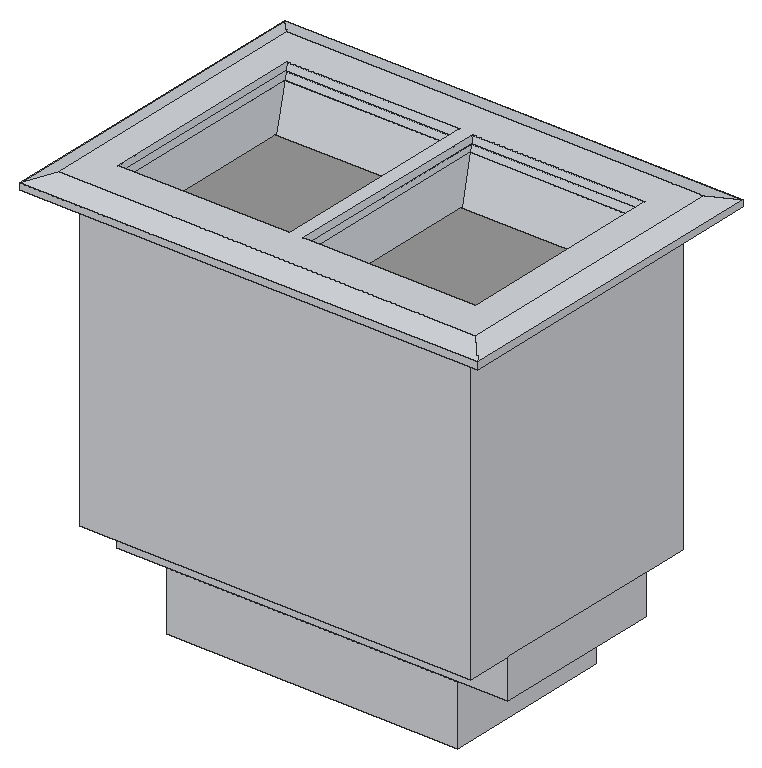
Revit family "2061098 Sylvania Lighting Fixture DOMINO 2xLED 930 BLACK MB TRIM WHITE", category Lighting Fixtures, host Face, Revit 2018
Family settings
  Host = Face
  Round Connector Dimension = Use Diameter
  Part Type = Normal
  OmniClass Number = 23.80.70.00
  OmniClass Title = Lighting
  Cut with Voids When Loaded = No
  Light Source = Yes
  Shared = No
  Room Calculation Point = No
Parameters (values of type "2061098 DOMINO 2XLED 930 BLACK MB TR WHT ")
  top top length = 44 mm
  Width = 50 mm
  Weight = "n/a"
  Wattage Comments = ""
  Wattage = 9.2903 W
  WarrantyStartDate [instance] = "n/a"
  WarrantyGuarantorParts = "n/a"
  WarrantyDurationUnit = "n/a"
  WarrantyDurationParts = ""
  WarrantyDescription = "http://www.sylvania-lighting.com"
  built-in parameter 1150110 = 1 (stored number, unit not read)
  Voltage = 0 V
  URL = "0.6"
  TypeName = "DOMINO 2xLED 930 BLACK MB TRIM WHITE"
  Type Image = <None>
  Type Comments = "n/a"
  built-in parameter 1114217 = 1 (stored number, unit not read)
  Top Width = 26 mm
  Tilt Angle = 90.00°
  built-in parameter 1150109 = 1 (stored number, unit not read)
  built-in parameter 1150134 = 3
  built-in parameter 1150113 = 1 (stored number, unit not read)
  SerialNumber [instance] = "n/a"
  Recessed Width = 43 mm
  Recessed Length = 63 mm
  Photometric Web File = "2061098.ies"
  Material_3_FEILO = none
  PowerFactor = 0
  PowerConsumption = "Lighting"
  NominalLength = 50 mm
  NominalHeight = 0 mm
  NominalDepth = 0 mm
  Name = "DOMINO 2xLED 930 BLACK MB TRIM WHITE"
  ModelReference = Name  # "DOMINO 2xLED 930 BLACK MB TRIM WHITE"
  ModelNumber = "2061098"
  Model = Name  # "DOMINO 2xLED 930 BLACK MB TRIM WHITE"
  Material = "Feilo Sylvania"
  ManufacturerName = "54 lm/W"
  Manufacturer = ""
  LuminousEfficacy = ""
  built-in parameter 1150105 = 109.82 (stored number, unit not read)
  Lumens = 1380 lm
  LuminaireType = "0"
  built-in parameter 1150115 = 1 (stored number, unit not read)
  LightOutputRatio = "LED"
  built-in parameter 1150137 = (empty or 0)
  built-in parameter 1150139 = (empty or 0)
  Lens Width = 32 mm
  Lens = Glass, White, High Luminance
  Length = 69 mm
  LampsType = Lamp  # "n/a"
  LampNominalLuminous = "3000 K"
  LampMacAdamStep = "90"
  LampColourTemperature = "LED"
  LampColourRenderingIndex = "16500"
  built-in parameter 1150112 = 1 (stored number, unit not read)
  built-in parameter 1150114 = 1 (stored number, unit not read)
  Lamp = "n/a"
  Keynote = "n/a"
  InstallationDate [instance] = "n/a"
  InputVoltage = "0"
  InputNominalFrequency = "3000"
  built-in parameter 1150132 = (empty or 0)
  built-in parameter 1150102 = (empty or 0)
  built-in parameter 1150107 = 3200 (stored number, unit not read)
  built-in parameter 1150138 = (empty or 0)
  IngressProtection = "IfcLightFixtureType"
  ImpactProtectionIndex = "IfcLightFixtureType"
  built-in parameter 1150106 = 1.0982 (stored number, unit not read)
  IfcExportType = "IfcLightFixtureType"
  IfcExportAs = "Class II"
  Facia internal width = 37 mm
  Facia internal length = 56 mm
  Facia Height = 2 mm
  ExpectedLife = 50000
  Emit from Circle Diameter = 609.6 mm
  Emit Shape Visible in Rendering = no
  ElectricShockClassification = "54"
  built-in parameter 1150104 = 13.8 (stored number, unit not read)
  DurationUnit = "hours"
  DocumentationLiterature = "http://www.sylvania-lighting.com/product/en-int/products/2061098"
  DimmingControlOptions = "n/a"
  Material_2_FEILO = none
  Dimming Lamp Color Temperature Shift = <None>
  Description = "Modular LED recessed linear spotlight, ideal for retail and hospitality applications. Die-cast aluminium body, passive cooling. Two levels of reflector installation, low glaring UGR<16. 2x LED source, 30° beam angle , optics: PMMA lens and polycarbonate reflector combination, Black matt reflector finish. Light color temperature: 3000K warm white, total system power: 6W , total fixture lumen output: 320lm, efficacy: 54 lm/W, Ra90 typical, LED chromacity: 3 step MacAdam ellipse (SDCM3), lifespan: 96,000 hours at 90% of the original output (L90B10), IR/UV free light source without heat radiation, operating voltage: 220-240V / 50-60Hz, electronic driver, ultra low flicker, non-dimmable , electrical protection: Class II. Degree of Protection: IP40/IP20, suitable for indoor environment only. Ceiling cut-out: 43x43mm, outer dimensions:  70x50mm trim frame RAL 9016 - Traffic white / Bezel color.5 years Warranty."
  Default Elevation = 1219.2 mm
  CreatedOn = "10/02/2021"
  CreatedBy = "harvey.smart@sylvania-lighting.com"
  Cost = 0
  Color Filter = 16777215
  built-in parameter 1114216 [instance] = (empty or 0)
  ClassificationValue = "EF_70_80"
  ClassificationName = "Uniclass2015"
  Material_1_FEILO = none
  Body Width = 40 mm
  Body Length = 59 mm
  BarCode [instance] = "n/a"
  built-in parameter 1114218 = 1 (stored number, unit not read)
  built-in parameter 1150133 = 10 (stored number, unit not read)
  AssetType = "Fixed"
  AssetIdentifier [instance] = "n/a"
  Assembly Code = "D5020200"
  Apparent Load = 6 VA
  Material_4_FEILO = none
Reference planes
  plane 1 "Center (Front/Back)": y = 0
  plane 2: z = 0
  plane 3 "Center (Left/Right)": x = 0
  plane 4: z = 0
  plane 5: z = -7
  plane 6: z = -45.895
  plane 7: z = -51.895
  plane 8: z = -60.895
  plane 9: x = -31.5
  plane 10: x = 31.5
  plane 11: y = 21.5
  plane 12: y = -21.5
  plane 13: x = -34.5
  plane 14: x = 34.5
  plane 15: y = 25
  plane 16: y = -25
  plane 17: x = 28
  plane 18: x = -28
  plane 19: y = 18.5
  plane 20: y = -18.5
  plane 21: z = 2
  plane 22: x = -29.5
  plane 23: x = 29.5
  plane 24: y = 20
  plane 25: y = -20
  plane 26: y = 13
  plane 27: y = -13
  plane 28: x = 22
  plane 29: y = 16
  plane 30: y = -16
  plane 31: x = -27
  plane 32: x = -1
  plane 33: x = -26
  plane 34: x = -2
  plane 35: y = 12.5
  plane 36: y = -12.5
  plane 37: x = 27
  plane 38: x = 1
  plane 39: x = 2
  plane 40: x = 26.026
Forms (mm)
  Extrusion 1, solid, not visible, detail levels medium+fine
    sketch origin (4.2, 0, 0) x (1, 0, 0) y (0, 1, 0)
      loop
        line (-29.2, 34.5) -> (-29.2, -34.5) -> (20.8, -34.5) -> (20.8, 34.5) -> (-29.2, 34.5)
    from 0 to 1
  Extrusion 2, solid, not visible, detail levels medium+fine
    sketch origin (4.044, 0, 0) x (1, 0, 0) y (0, 1, 0)
      loop
        line (-29.2, 34.5) -> (-29.2, -34.5) -> (20.8, -34.5) -> (20.8, 34.5) -> (-29.2, 34.5)
    from 0 to 1
  Blend 3, solid, not visible, detail levels medium+fine
    base sketch origin (4.2, 0, 0) x (1, 0, 0) y (0, 1, 0)
      loop
        line (-29.2, 34.5) -> (-29.2, -34.5) -> (20.8, -34.5) -> (20.8, 34.5) -> (-29.2, 34.5)
    top sketch origin (4.2, 0, 0) x (1, 0, 0) y (0, 1, 0)
      loop
        line (-21.7, 28) -> (-21.7, -28) -> (13.3, -28) -> (13.3, 28) -> (-21.7, 28)
    from 1 to 3
  Extrusion 4, solid, not visible, detail levels medium+fine
    sketch origin (3.419, 0, 0) x (1, 0, 0) y (0, 1, 0)
      loop
        line (-29.2, 34.5) -> (-29.2, -34.5) -> (20.8, -34.5) -> (20.8, 34.5) -> (-29.2, 34.5)
    from 0 to 1
  Blend 5, solid, not visible, detail levels medium+fine
    base sketch origin (3.575, 0, 0) x (1, 0, 0) y (0, 1, 0)
      loop
        line (-29.2, 34.5) -> (-29.2, -34.5) -> (20.8, -34.5) -> (20.8, 34.5) -> (-29.2, 34.5)
    top sketch origin (3.575, 0, 0) x (1, 0, 0) y (0, 1, 0)
      loop
        line (-21.7, 28) -> (-21.7, -28) -> (13.3, -28) -> (13.3, 28) -> (-21.7, 28)
    from 1 to 3
  Extrusion 6, solid, not visible, detail levels medium+fine
    sketch origin (4.247, 0, 0) x (1, 0, 0) y (0, 1, 0)
      loop
        line (-29.2, 34.5) -> (-29.2, -34.5) -> (20.8, -34.5) -> (20.8, 34.5) -> (-29.2, 34.5)
    from 0 to 1
  Blend 7, solid, not visible, detail levels medium+fine
    base sketch origin (4.403, 0, 0) x (1, 0, 0) y (0, 1, 0)
      loop
        line (-29.2, 34.5) -> (-29.2, -34.5) -> (20.8, -34.5) -> (20.8, 34.5) -> (-29.2, 34.5)
    top sketch origin (4.403, 0, 0) x (1, 0, 0) y (0, 1, 0)
      loop
        line (-21.7, 28) -> (-21.7, -28) -> (13.3, -28) -> (13.3, 28) -> (-21.7, 28)
    from 1 to 3
  Extrusion 8, void, detail levels medium+fine
    sketch origin (4.2, 0, 0) x (0, 1, 0) y (1, 0, 0)
      loop
        line (21.5, -35.7) -> (21.5, 27.3) -> (-21.5, 27.3) -> (-21.5, -35.7) -> (21.5, -35.7)
    from -9.934 to 83.097
  Extrusion 9, solid, detail levels medium+fine
    sketch origin (4.2, 0, 0) x (1, 0, 0) y (0, 1, 0)
      loop
        line (-38.7, 25) -> (-38.7, -25) -> (30.3, -25) -> (30.3, 25) -> (-38.7, 25)
    from 0 to 1
  Blend 10, solid, detail levels medium+fine
    base sketch origin (4.2, 0, 0) x (1, 0, 0) y (0, 1, 0)
      loop
        line (-38.7, 25) -> (-38.7, -25) -> (30.3, -25) -> (30.3, 25) -> (-38.7, 25)
    top sketch origin (4.2, 0, 0) x (1, 0, 0) y (0, 1, 0)
      loop
        line (-35.7, 21.5) -> (-35.7, -21.5) -> (27.3, -21.5) -> (27.3, 21.5) -> (-35.7, 21.5)
    from 1 to 2
  Extrusion 11, solid, detail levels medium+fine
    sketch origin (4.2, 0, 0) x (1, 0, 0) y (0, 1, 0)
      loop
        line (-33.7, 20) -> (-33.7, -20) -> (25.3, -20) -> (25.3, 20) -> (-33.7, 20)
    from 0 to -45.895
  Extrusion 12, solid, detail levels medium+fine
    sketch origin (4.2, 0, 0) x (1, 0, 0) y (0, 1, 0)
      loop
        line (-33.7, 13) -> (-33.7, -13) -> (25.3, -13) -> (25.3, 13) -> (-33.7, 13)
    from -51.895 to -45.895
  Extrusion 13, solid, detail levels fine
    sketch origin (4.2, 0, 0) x (1, 0, 0) y (0, 1, 0)
      loop
        line (-26.2, 13) -> (-26.2, -13) -> (17.8, -13) -> (17.8, 13) -> (-26.2, 13)
    from -60.895 to -51.895
  Blend 14, void, detail levels medium+fine
    base sketch origin (4.2, 0, 0) x (0, 1, 0) y (-1, 0, 0)
      loop
        line (16, 31.2) -> (-16, 31.2) -> (-16, 5.2) -> (16, 5.2) -> (16, 31.2)
    top sketch origin (4.2, 0, 0) x (0, 1, 0) y (-1, 0, 0)
      loop
        line (12.5, 30.2) -> (-12.5, 30.2) -> (-12.5, 6.2) -> (12.5, 6.2) -> (12.5, 30.2)
    from 2 to -7
  Blend 15, void, detail levels medium+fine
    base sketch origin (4.2, 0, 0) x (0, 1, 0) y (-1, 0, 0)
      loop
        line (16, 3.2) -> (-16, 3.2) -> (-16, -22.8) -> (16, -22.8) -> (16, 3.2)
    top sketch origin (4.2, 0, 0) x (0, 1, 0) y (-1, 0, 0)
      loop
        line (12.5, 2.2) -> (-12.5, 2.2) -> (-12.5, -21.826) -> (12.5, -21.826) -> (12.5, 2.2)
    from 2 to -7
  Extrusion 16, solid, material "Glass, White, High Luminance" <- "Lens", detail levels fine
    sketch origin (0, 1219.2, 38) x (1, 0, 0) y (0, 1, 0)
      loop
        line (-26, -1206.7) -> (-26, -1231.7) -> (-2, -1231.7) -> (-2, -1206.7) -> (-26, -1206.7)
    from -45 to -44
  Extrusion 17, solid, material "Glass, White, High Luminance" <- "Lens", detail levels fine
    sketch origin (4.2, 0, 0) x (1, 0, 0) y (0, 1, 0)
      loop
        line (-2.2, 12.5) -> (-2.2, -12.5) -> (21.826, -12.5) -> (21.826, 12.5) -> (-2.2, 12.5)
    from -7 to -6
  Extrusion 18, solid, detail levels coarse
    sketch origin (0, 1219.2, 38) x (1, 0, 0) y (0, 1, 0)
      loop
        line (34.5, -1194.2) -> (-34.5, -1194.2) -> (-34.5, -1244.2) -> (34.5, -1244.2) -> (34.5, -1194.2)
    from -36 to -98.895
Cuts and joins
  Blend 14, Blend 15 cuts Extrusion 9
  Blend 14, Blend 15 cuts Blend 10
  Blend 14, Blend 15 cuts Extrusion 11
Dimensions and locks
  "Recessed Length": plane 9 to plane 10
  equal spacing: plane 9, plane 3 "Center (Left/Right)", plane 10
  "Length": plane 13 to plane 14
  equal spacing: plane 13, plane 3 "Center (Left/Right)", plane 14
  "Recessed Width": plane 11 to plane 12
  equal spacing: plane 11, plane 1 "Center (Front/Back)", plane 12
  "Width": plane 15 to plane 16
  equal spacing: plane 15, plane 1 "Center (Front/Back)", plane 16
  "Facia internal length": plane 18 to plane 17
  equal spacing: plane 18, plane 3 "Center (Left/Right)", plane 17
  "Facia internal width": plane 19 to plane 20
  equal spacing: plane 19, plane 1 "Center (Front/Back)", plane 20
  "Facia Height": plane 21 to host face
  "Body Length": plane 22 to plane 23
  equal spacing: plane 22, plane 3 "Center (Left/Right)", plane 23
  "Body Width": plane 24 to plane 25
  equal spacing: plane 24, plane 1 "Center (Front/Back)", plane 25
  "Top Width": plane 26 to plane 27
  equal spacing: plane 26, plane 1 "Center (Front/Back)", plane 27
  plane 3 "Center (Left/Right)" to plane 28 = 22 mm
  "Lens Width": plane 29 to plane 30
  equal spacing: plane 29, plane 1 "Center (Front/Back)", plane 30
  aligned and locked: plane 2 to host face
  aligned and locked: level to host face
  aligned and locked: plane 21 to Blend 10
  aligned and locked: Extrusion 9 to Blend 10
  aligned and locked: plane 7 to Extrusion 13
  aligned and locked: Extrusion 12 to plane 7
  aligned and locked: Extrusion 11 to plane 6
  aligned and locked: Blend 14 to plane 5
  aligned and locked: plane 21 to Blend 14
  aligned and locked: Blend 15 to plane 5
  aligned and locked: plane 21 to Blend 15
Automatic sketch dimensions
  host sketch curve to host sketch curve = 2438.4 mm  (x2)
  Extrusion 1 sketch curve to Extrusion 1 sketch curve = 50 mm
  Extrusion 1 sketch curve to Extrusion 1 sketch curve = 69 mm
  Extrusion 2 sketch curve to Extrusion 2 sketch curve = 50 mm
  Extrusion 2 sketch curve to Extrusion 2 sketch curve = 69 mm
  Blend 3 sketch curve to Blend 3 sketch curve = 50 mm
  Blend 3 sketch curve to Blend 3 sketch curve = 69 mm
  Blend 3 sketch curve to Blend 3 sketch curve = 35 mm
  Blend 3 sketch curve to Blend 3 sketch curve = 56 mm
  Extrusion 4 sketch curve to Extrusion 4 sketch curve = 50 mm
  Extrusion 4 sketch curve to Extrusion 4 sketch curve = 69 mm
  Blend 5 sketch curve to Blend 5 sketch curve = 50 mm
  Blend 5 sketch curve to Blend 5 sketch curve = 69 mm
  Blend 5 sketch curve to Blend 5 sketch curve = 35 mm
  Blend 5 sketch curve to Blend 5 sketch curve = 56 mm
  Extrusion 6 sketch curve to Extrusion 6 sketch curve = 50 mm
  Extrusion 6 sketch curve to Extrusion 6 sketch curve = 69 mm
  Blend 7 sketch curve to Blend 7 sketch curve = 50 mm
  Blend 7 sketch curve to Blend 7 sketch curve = 69 mm
  Blend 7 sketch curve to Blend 7 sketch curve = 35 mm
  Blend 7 sketch curve to Blend 7 sketch curve = 56 mm
  Extrusion 8 sketch curve to plane 9 = 0 mm
  Extrusion 8 sketch curve to plane 12 = 0 mm
  Extrusion 8 sketch curve to plane 11 = 0 mm
  Extrusion 8 sketch curve to plane 10 = 0 mm
  Extrusion 9 sketch curve to plane 13 = 0 mm
  Extrusion 9 sketch curve to plane 14 = 0 mm
  Extrusion 9 sketch curve to plane 16 = 0 mm
  Extrusion 9 sketch curve to plane 15 = 0 mm
  Blend 10 sketch curve to plane 13 = 0 mm
  Blend 10 sketch curve to plane 14 = 0 mm
  Blend 10 sketch curve to plane 16 = 0 mm
  Blend 10 sketch curve to plane 15 = 0 mm
  Blend 10 sketch curve to plane 9 = 0 mm
  Blend 10 sketch curve to plane 10 = 0 mm
  Blend 10 sketch curve to plane 12 = 0 mm
  Blend 10 sketch curve to plane 11 = 0 mm
  Extrusion 11 sketch curve to plane 22 = 0 mm
  Extrusion 11 sketch curve to plane 23 = 0 mm
  Extrusion 11 sketch curve to plane 25 = 0 mm
  Extrusion 11 sketch curve to plane 24 = 0 mm
  Extrusion 12 sketch curve to plane 22 = 0 mm
  Extrusion 12 sketch curve to plane 23 = 0 mm
  Extrusion 12 sketch curve to plane 27 = 0 mm
  Extrusion 12 sketch curve to plane 26 = 0 mm
  Extrusion 13 sketch curve to plane 27 = 0 mm
  Extrusion 13 sketch curve to plane 28 = 0 mm
  Extrusion 13 sketch curve to plane 26 = 0 mm
  plane 18 to Extrusion 13 sketch curve = 6 mm
  Blend 14 sketch curve to plane 30 = 0 mm
  Blend 14 sketch curve to plane 29 = 0 mm
  Blend 14 sketch curve to plane 32 = 0 mm
  Blend 14 sketch curve to plane 31 = 0 mm
  Blend 14 sketch curve to plane 33 = 0 mm
  Blend 14 sketch curve to plane 36 = 0 mm
  Blend 14 sketch curve to plane 35 = 0 mm
  Blend 14 sketch curve to plane 34 = 0 mm
  Blend 15 sketch curve to plane 30 = 0 mm
  Blend 15 sketch curve to plane 29 = 0 mm
  Blend 15 sketch curve to plane 37 = 0 mm
  Blend 15 sketch curve to plane 38 = 0 mm
  Blend 15 sketch curve to plane 36 = 0 mm
  Blend 15 sketch curve to plane 35 = 0 mm
  Blend 15 sketch curve to plane 40 = 0 mm
  Blend 15 sketch curve to plane 39 = 0 mm
  plane 31 to Extrusion 16 sketch curve = 1 mm
  Extrusion 16 sketch curve to plane 11 = 9 mm
  Extrusion 16 sketch curve to plane 34 = 0 mm
  plane 1 "Center (Front/Back)" to Extrusion 16 sketch curve = 12.5 mm
  Extrusion 17 sketch curve to plane 36 = 0 mm
  Extrusion 17 sketch curve to plane 39 = 0 mm
  Extrusion 17 sketch curve to plane 40 = 0 mm
  Extrusion 17 sketch curve to plane 35 = 0 mm
  Extrusion 18 sketch curve to plane 33 = 8.5 mm
  plane 14 to Extrusion 18 sketch curve = 0 mm
  plane 16 to Extrusion 18 sketch curve = 50 mm
  Extrusion 18 sketch curve to plane 36 = 12.5 mm
